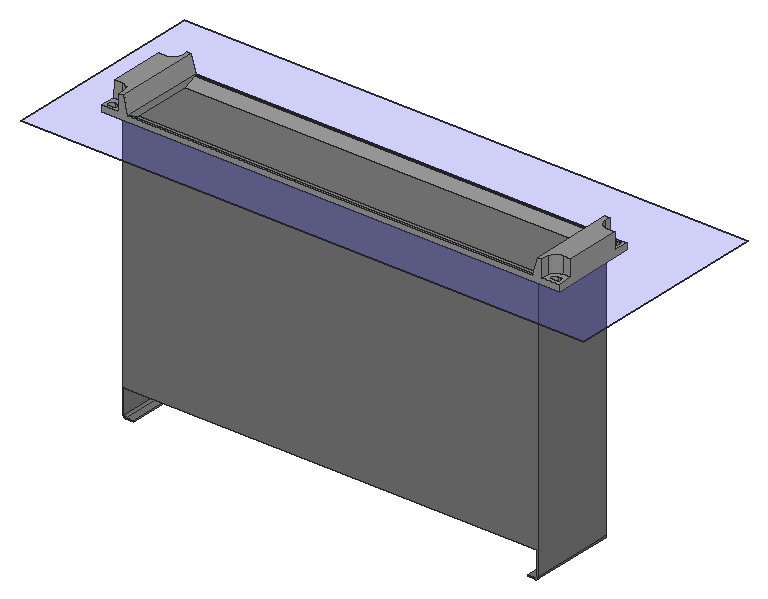
Revit family "QSC CXD4 Amplifiers", category Generic Models, host Face, Revit 2012
Parameters (values of type "CXD4.2")
  Width = 1' - 7"  # constant formula
  Weight Product (lb) = 18.5
  Weight Product (kg) = 8.4
  Voltage AC = "100-240 at 50-60 Hz"  # constant formula
  URL = "TBD"
  Regulatory Compliance = "UL, CE, RoHS/WEEE, FCC Class B"  # constant formula
  Product Page URL = "TBD"
  Product Documentation Link = "TBD"
  Power Troubleshoot [instance] = 0
  Power Standby [instance] = 0
  Power Peak [instance] = 0
  Power Factor [instance] = 0
  Power Active [instance] = 0
  Model = "CXD4.2"
  Manufacturer URL = "http://www.qscaudio.com"
  Manufacturer = "QSC Audio Products, LLC"  # constant formula
  Inner Front Width [instance] = 1' - 4.819"
  Height = 0' - 3 1/2"  # constant formula
  Heat Load Troubleshoot [instance] = 0
  Heat Load Standby [instance] = 0
  Heat Load Active [instance] = 0
  Face Material [instance] = Light Gray Finish
  Description = "2000 Watt Multi-Channel Processing Amplifier"
  Depth = 1' - 0"
  Default Elevation = 0' - 0"
  Current Draw [instance] = 0
  Amplifier Material [instance] = Dark Gray Finish
Types (8): name | Weight Product (lb) | Weight Product (kg) | Power Troubleshoot | Power Standby | Power Peak | Power Factor | Power Active | Model | Heat Load Troubleshoot | Heat Load Standby | Heat Load Active | Description | Depth | Current Draw | Amplifier Material
  (no name) | 18.5 | 8.4 | 0 | 0 | 0 | 0 | 0 | "CXD4.2" | 0 | 0 | 0 | "2000 Watt Multi-Channel Processing Amplifier" | 1' - 0" | 0 | Dark Gray Finish
  CXD4.2 | 18.5 | 8.4 | 0 | 0 | 0 | 0 | 0 | "CXD4.2" | 0 | 0 | 0 | "2000 Watt Multi-Channel Processing Amplifier" | 1' - 0" | 0 | Dark Gray Finish
  CXD4.3 @ 100VAC | 21 | 9.6 | 89 | 15 | 3452 | 0.95 | 556 | "CXD4.3" | 304 | 51 | 833 | "3000 Watt Multi-Channel Processing Amplifier" | 1' - 4" | 35 | Black Finish
  CXD4.5 @ 100VAC | 22 | 10 | 89 | 15 | 6938 | 0.97 | 962 | "CXD4.5" | 304 | 51 | 1165 | "5000 Watt Multi-Channel Processing Amplifier" | 1' - 4" | 68 | Black Finish
  CXD4.5 @ 120VAC | 22 | 10 | 87 | 15 | 6518 | 0.97 | 955 | "CXD4.5" | 297 | 51 | 1144 | "5000 Watt Multi-Channel Processing Amplifier" | 1' - 4" | 54 | Black Finish
  CXD4.5 @ 230VAC | 22 | 10 | 85 | 15 | 6000 | 0.91 | 969 | "CXD4.5" | 290 | 51 | 1209 | "5000 Watt Multi-Channel Processing Amplifier" | 1' - 4" | 27 | Black Finish
  CXD4.3 @ 120VAC | 21 | 9.6 | 87 | 15 | 3250 | 0.95 | 540 | "CXD4.3" | 297 | 51 | 800 | "3000 Watt Multi-Channel Processing Amplifier" | 1' - 4" | 25 | Black Finish
  CXD4.3 @ 230VAC | 21 | 9.6 | 85 | 15 | 3136 | 0.95 | 537 | "CXD4.3" | 290 | 51 | 766 | "3000 Watt Multi-Channel Processing Amplifier" | 1' - 4" | 14 | Black Finish
Reference planes (in)
  plane 1 "Center (Front/Back)": y = 0
  plane 2: z = 0
  plane 3 "Center (Left/Right)": x = 0
  plane 4 "Left": x = -9.5
  plane 5 "Right": x = 9.5
  plane 6 "Top": y = 1.75
  plane 7 "Bottom": y = -1.75
  plane 8 "Back": z = -11.0591
  plane 9: z = -9.9291
  plane 10: x = -8.6228
  plane 11: x = 8.6228
  plane 12 "Front": z = 0.9409
  plane 13: x = -8.1838
  plane 14: x = 8.1838
  plane 15: x = -9.4688
  plane 16: x = -8.5948
  plane 17: x = -8.4095
  plane 18: z = 0.2492
  plane 19: x = 9.4688
  plane 20: x = 8.5948
  plane 21: x = 8.4095
  plane 22: z = 0.2492
  plane 23: z = 0.5531
  plane 24 "Inner Left": x = -8.4095
  plane 25 "Inner Right": x = 8.4095
Forms (in)
  Extrusion 1, solid, material "Glass"
    sketch origin (0, 0, 0) x (1, 0, 0) y (0, 1, 0)
      loop
        line (-11.18464, 4.67779) -> (-11.18464, -3.88137) -> (12.1957, -3.88137) -> (12.1957, 4.67779) -> (-11.18464, 4.67779)
    from 0 to -0.03906
  Extrusion 2, solid, material "Dark Gray Finish" <- "Amplifier Material"
    sketch origin (0, -1.75, 0) x (-1, 0, 0) y (0, 0, 1)
      loop
        line (9.5, 0) -> (-9.5, 0) -> (-9.5, -11.0591) -> (9.5, -11.0591) -> (9.5, 0)
    from 0 to 3.5 <- "Height"
  Extrusion 3, void
    sketch origin (0, -1.75, 0) x (-1, 0, 0) y (0, 0, 1)
      loop
        line (8.6228, -11.0591) -> (9.5, -11.0591) -> (9.5, 0) -> (8.6228, 0) -> (8.6228, -11.0591)
      loop
        line (-9.5, -11.0591) -> (-8.6228, -11.0591) -> (-8.6228, 0) -> (-9.5, 0) -> (-9.5, -11.0591)
    from 0 to 3.5 <- "Height"
  Extrusion 4, void
    sketch origin (0, -1.75, 0) x (-1, 0, 0) y (0, 0, 1)
      loop
        arc (8.6228, -10.9291) -> (8.58472, -11.02102) -> (8.4928, -11.0591) r 0.13
        line (8.4928, -11.0591) -> (8.6228, -11.0591) -> (8.6228, -10.9291)
      loop
        line (8.5755, -10.92909) -> (8.5755, -9.9291) -> (-8.5755, -9.9291) -> (-8.5755, -10.92909)
        arc (-8.5755, -10.92909) -> (-8.55128, -10.98757) -> (-8.4928, -11.01179) r 0.0827
        line (-8.4928, -11.01179) -> (-8.1838, -11.01179) -> (-8.1838, -11.0591) -> (8.1838, -11.0591) -> (8.1838, -11.01179) -> (8.4928, -11.01179)
        arc (8.4928, -11.01179) -> (8.55128, -10.98757) -> (8.5755, -10.92909) r 0.0827
      loop
        line (-8.6228, -10.9291) -> (-8.6228, -11.0591) -> (-8.4928, -11.0591)
        arc (-8.4928, -11.0591) -> (-8.58472, -11.02102) -> (-8.6228, -10.9291) r 0.13
    from 0 to 3.5
  Extrusion 5, void
    sketch origin (0, -1.75, 0) x (-1, 0, 0) y (0, 0, 1)
      loop
        line (9.5, 0) -> (9.5, 0.9409) -> (9.4688, 0.9409) -> (9.5, 0)
      loop
        line (8.5948, 0.9409) -> (-8.5948, 0.9409) -> (-8.4095, 0.2492)
        arc (-8.4095, 0.2492) -> (0, 0.5531) -> (8.4095, 0.2492) r 116.5055
        line (8.4095, 0.2492) -> (8.5948, 0.9409)
      loop
        line (-9.4688, 0.9409) -> (-9.5, 0.9409) -> (-9.5, 0) -> (-9.4688, 0.9409)
    from 0 to 3.5
  Extrusion 6, void
    sketch origin (0, 0, 0.9409) x (-1, 0, 0) y (0, -1, 0)
      loop
        line (9.5, -1.75) -> (9.5, -1.138) -> (9.1609, -1.138)
        arc (9.1609, -1.138) -> (8.90489, -1.23581) -> (8.7793, -1.4794) r 0.38397
        line (8.7793, -1.4794) -> (8.7793, -1.75) -> (9.5, -1.75)
      loop
        line (9.5, 1.75) -> (8.7793, 1.75) -> (8.7793, 1.4794)
        arc (8.7793, 1.4794) -> (8.90489, 1.23581) -> (9.1609, 1.138) r 0.38397
        line (9.1609, 1.138) -> (9.5, 1.138) -> (9.5, 1.75)
      loop
        line (-9.5, -1.75) -> (-8.7793, -1.75) -> (-8.7793, -1.4794)
        arc (-8.7793, -1.4794) -> (-8.90489, -1.23581) -> (-9.1609, -1.138) r 0.38397
        line (-9.1609, -1.138) -> (-9.5, -1.138) -> (-9.5, -1.75)
      loop
        line (-9.5, 1.75) -> (-9.5, 1.138) -> (-9.1609, 1.138)
        arc (-9.1609, 1.138) -> (-8.90489, 1.23581) -> (-8.7793, 1.4794) r 0.38397
        line (-8.7793, 1.4794) -> (-8.7793, 1.75) -> (-9.5, 1.75)
    from 0 to -0.68359
  Extrusion 7, void
    sketch origin (0, 0, 0.9409) x (-1, 0, 0) y (0, -1, 0)
      loop
        arc (9.2614, -1.651) -> (9.3894, -1.523) -> (9.2614, -1.395) r 0.128
        line (9.2614, -1.395) -> (9.1314, -1.395)
        arc (9.1314, -1.395) -> (9.0034, -1.523) -> (9.1314, -1.651) r 0.128
        line (9.1314, -1.651) -> (9.2614, -1.651)
      loop
        arc (9.2614, 1.395) -> (9.3894, 1.523) -> (9.2614, 1.651) r 0.128
        line (9.2614, 1.651) -> (9.1314, 1.651)
        arc (9.1314, 1.651) -> (9.0034, 1.523) -> (9.1314, 1.395) r 0.128
        line (9.1314, 1.395) -> (9.2614, 1.395)
      loop
        arc (-9.1314, -1.651) -> (-9.0034, -1.523) -> (-9.1314, -1.395) r 0.128
        line (-9.1314, -1.395) -> (-9.2614, -1.395)
        arc (-9.2614, -1.395) -> (-9.3894, -1.523) -> (-9.2614, -1.651) r 0.128
        line (-9.2614, -1.651) -> (-9.1314, -1.651)
      loop
        arc (-9.1314, 1.395) -> (-9.0034, 1.523) -> (-9.1314, 1.651) r 0.128
        line (-9.1314, 1.651) -> (-9.2614, 1.651)
        arc (-9.2614, 1.651) -> (-9.3894, 1.523) -> (-9.2614, 1.395) r 0.128
        line (-9.2614, 1.395) -> (-9.1314, 1.395)
    from 0 to -1
  Extrusion 8, void
    sketch origin (-8.4095, 0, 0) x (0, 1, 0) y (0, 0, 1)
      loop
        line (1.69062, 0.22932) -> (1.75, 0.9409) -> (1.69062, 0.9409) -> (-1.75, 0.9409) -> (-1.69553, 0.2249) -> (-1.19154, 0) -> (1.20399, 0) -> (1.69062, 0.22932)
    from 0 to 16.819 <- "Inner Front Width"
  Extrusion 9, void
    sketch origin (0, 0, -11.0591) x (-1, 0, 0) y (0, -1, 0)
      loop
        line (-7.72058, -0.87779) -> (-7.23155, -0.87779) -> (-7.23155, -0.3647) -> (-7.72058, -0.3647) -> (-7.72058, -0.87779)
      loop
        line (-7.72058, 0.19721) -> (-7.23155, 0.19721) -> (-7.23155, 1.11296) -> (-7.72058, 1.11296) -> (-7.72058, 0.19721)
      loop
        line (-5.59181, -0.51506) -> (-4.80779, -0.51506) -> (-4.80779, -0.12697) -> (-5.59181, -0.12697) -> (-5.59181, -0.51506)
      loop
        line (-4.59181, -0.51506) -> (-3.80779, -0.51506) -> (-3.80779, -0.12697) -> (-4.59181, -0.12697) -> (-4.59181, -0.51506)
      loop
        line (-3.59181, -0.51506) -> (-2.80779, -0.51506) -> (-2.80779, -0.12697) -> (-3.59181, -0.12697) -> (-3.59181, -0.51506)
      loop
        line (-2.59181, -0.51506) -> (-1.80779, -0.51506) -> (-1.80779, -0.12697) -> (-2.59181, -0.12697) -> (-2.59181, -0.51506)
      loop
        line (1.51945, -1.24424) -> (1.80472, -1.24424) -> (1.80472, -0.75279) -> (1.51945, -0.75279) -> (1.51945, -1.24424)
      loop
        line (1.51945, -0.58717) -> (1.80472, -0.58717) -> (1.80472, -0.09572) -> (1.51945, -0.09572) -> (1.51945, -0.58717)
      loop
        line (1.51945, 0.0699) -> (1.80472, 0.0699) -> (1.80472, 0.56135) -> (1.51945, 0.56135) -> (1.51945, 0.0699)
      loop
        line (1.51945, 0.72697) -> (1.80472, 0.72697) -> (1.80472, 1.21842) -> (1.51945, 1.21842) -> (1.51945, 0.72697)
      loop
        line (7.08422, 0.56135) -> (7.70168, 0.56135) -> (7.70168, 1.43183) -> (7.08422, 1.43183) -> (7.08422, 0.56135)
    from 0 to 1.25
  Extrusion 10, solid, material "Light Gray Finish" <- "Face Material"
    sketch origin (0, -1.75, 0) x (-1, 0, 0) y (0, 0, 1)
      loop
        line (9.5, 0.9409) -> (-9.5, 0.9409) -> (-9.5, 0) -> (9.5, 0) -> (9.5, 0.9409)
    from 0 to 3.5 <- "Height"
Cuts and joins
  Extrusion 3, Extrusion 4, Extrusion 5, Extrusion 6, Extrusion 7, Extrusion 8, Extrusion 9 cuts Extrusion 2
  Extrusion 5, Extrusion 6, Extrusion 7, Extrusion 8 cuts Extrusion 10
Lines and regions (in)
  model lines, detail levels fine
    curve 1: arc (-8.6228, 1.2481, -10.2168) -> (-8.6228, 1.1201, -10.0888) -> (-8.6228, 0.9921, -10.2168) r 0.128
    curve 2: line (-8.6228, 0.9921, -10.2168) -> (-8.6228, 0.9921, -10.3468)
    curve 3: arc (-8.6228, 0.9921, -10.3468) -> (-8.6228, 1.1201, -10.4748) -> (-8.6228, 1.2481, -10.3468) r 0.128
    curve 4: line (-8.6228, 1.2481, -10.3468) -> (-8.6228, 1.2481, -10.2168)
    curve 5: arc (-8.6228, 0.6931, -10.7368) -> (-8.6228, 0.6231, -10.6668) -> (-8.6228, 0.5531, -10.7368) r 0.07
    curve 6: arc (-8.6228, 0.5531, -10.7368) -> (-8.6228, 0.6231, -10.8068) -> (-8.6228, 0.6931, -10.7368) r 0.07
    curve 7: arc (-8.6228, -0.5531, -10.7368) -> (-8.6228, -0.6231, -10.6668) -> (-8.6228, -0.6931, -10.7368) r 0.07
    curve 8: arc (-8.6228, -0.6931, -10.7368) -> (-8.6228, -0.6231, -10.8068) -> (-8.6228, -0.5531, -10.7368) r 0.07
    curve 9: arc (-8.6228, -1.2481, -10.3468) -> (-8.6228, -1.1201, -10.4748) -> (-8.6228, -0.9921, -10.3468) r 0.128
    curve 10: line (-8.6228, -0.9921, -10.3468) -> (-8.6228, -0.9921, -10.2168)
    curve 11: arc (-8.6228, -0.9921, -10.2168) -> (-8.6228, -1.1201, -10.0888) -> (-8.6228, -1.2481, -10.2168) r 0.128
    curve 12: line (-8.6228, -1.2481, -10.2168) -> (-8.6228, -1.2481, -10.3468)
    curve 13: arc (8.6228, 1.2481, -10.2168) -> (8.6228, 1.1201, -10.0888) -> (8.6228, 0.9921, -10.2168) r 0.128
    curve 14: line (8.6228, 0.9921, -10.2168) -> (8.6228, 0.9921, -10.3468)
    curve 15: arc (8.6228, 0.9921, -10.3468) -> (8.6228, 1.1201, -10.4748) -> (8.6228, 1.2481, -10.3468) r 0.128
    curve 16: line (8.6228, 1.2481, -10.3468) -> (8.6228, 1.2481, -10.2168)
    curve 17: arc (8.6228, 0.6931, -10.7368) -> (8.6228, 0.6231, -10.6668) -> (8.6228, 0.5531, -10.7368) r 0.07
    curve 18: arc (8.6228, 0.5531, -10.7368) -> (8.6228, 0.6231, -10.8068) -> (8.6228, 0.6931, -10.7368) r 0.07
    curve 19: arc (8.6228, -0.5531, -10.7368) -> (8.6228, -0.6231, -10.6668) -> (8.6228, -0.6931, -10.7368) r 0.07
    curve 20: arc (8.6228, -0.6931, -10.7368) -> (8.6228, -0.6231, -10.8068) -> (8.6228, -0.5531, -10.7368) r 0.07
    curve 21: arc (8.6228, -1.2481, -10.3468) -> (8.6228, -1.1201, -10.4748) -> (8.6228, -0.9921, -10.3468) r 0.128
    curve 22: line (8.6228, -0.9921, -10.3468) -> (8.6228, -0.9921, -10.2168)
    curve 23: arc (8.6228, -0.9921, -10.2168) -> (8.6228, -1.1201, -10.0888) -> (8.6228, -1.2481, -10.2168) r 0.128
    curve 24: line (8.6228, -1.2481, -10.2168) -> (8.6228, -1.2481, -10.3468)
    curve 25: circle (-8.3438, 0.6231, -11.0591) r 0.07 normal (0, 0, 1)
    curve 26: circle (-8.3438, -0.6231, -11.0591) r 0.07 normal (0, 0, -1)
    curve 27: circle (8.3438, 0.6231, -11.0591) r 0.07 normal (0, 0, -1)
    curve 28: circle (8.3438, -0.6231, -11.0591) r 0.07 normal (0, 0, 1)
    curve 61: line (-0.23509, 0.74029, 0.08969) -> (-0.37409, 0.87779, 0.08969)
    curve 62: line (2.27671, 0.74029, 0.08969) -> (2.41571, 0.87779, 0.08969)
    curve 63: line (2.27671, -0.76171, 0.08969) -> (2.41571, -0.89921, 0.08969)
    curve 64: line (-0.23509, -0.76171, 0.08969) -> (-0.37409, -0.89921, 0.08969)
    curve 69: arc (-3.92972, -0.06127, 0.08969) -> (-3.95365, -0.19312, 0.08969) -> (-3.97819, -0.06139, 0.08969) r 0.06812
    curve 70: line (-3.95381, -0.125, 0.08969) -> (-3.95381, -0.00273, 0.08969)
    curve 71: line (-2.75377, 0.67779, 0.08969) -> (-2.43464, 0.67779, 0.08969)
    curve 72: line (-2.75377, 0.51506, 0.08969) -> (-2.75377, 0.67779, 0.08969)
    curve 73: line (-2.43464, 0.51506, 0.08969) -> (-2.75377, 0.51506, 0.08969)
    curve 74: line (-2.43464, 0.67779, 0.08969) -> (-2.43464, 0.51506, 0.08969)
    curve 75: line (-1.25377, 0.67779, 0.08969) -> (-0.93464, 0.67779, 0.08969)
    curve 76: line (-1.25377, 0.51506, 0.08969) -> (-1.25377, 0.67779, 0.08969)
    curve 77: line (-0.93464, 0.51506, 0.08969) -> (-1.25377, 0.51506, 0.08969)
    curve 78: line (-0.93464, 0.67779, 0.08969) -> (-0.93464, 0.51506, 0.08969)
    curve 79: line (-2.25377, 0.67779, 0.08969) -> (-1.93464, 0.67779, 0.08969)
    curve 80: line (-2.25377, 0.51506, 0.08969) -> (-2.25377, 0.67779, 0.08969)
    curve 81: line (-1.93464, 0.51506, 0.08969) -> (-2.25377, 0.51506, 0.08969)
    curve 82: line (-1.93464, 0.67779, 0.08969) -> (-1.93464, 0.51506, 0.08969)
    curve 83: line (-1.75377, 0.67779, 0.08969) -> (-1.43464, 0.67779, 0.08969)
    curve 84: line (-1.75377, 0.51506, 0.08969) -> (-1.75377, 0.67779, 0.08969)
    curve 85: line (-1.43464, 0.51506, 0.08969) -> (-1.75377, 0.51506, 0.08969)
    curve 86: line (-1.43464, 0.67779, 0.08969) -> (-1.43464, 0.51506, 0.08969)
    curve 87: line (-2.75377, -0.19721, 0.08969) -> (-2.43464, -0.19721, 0.08969)
    curve 88: line (-2.75377, -0.35994, 0.08969) -> (-2.75377, -0.19721, 0.08969)
    curve 89: line (-2.43464, -0.35994, 0.08969) -> (-2.75377, -0.35994, 0.08969)
    curve 90: line (-2.43464, -0.19721, 0.08969) -> (-2.43464, -0.35994, 0.08969)
    curve 91: line (-1.25377, -0.19721, 0.08969) -> (-0.93464, -0.19721, 0.08969)
    curve 92: line (-1.25377, -0.35994, 0.08969) -> (-1.25377, -0.19721, 0.08969)
    curve 93: line (-0.93464, -0.35994, 0.08969) -> (-1.25377, -0.35994, 0.08969)
    curve 94: line (-0.93464, -0.19721, 0.08969) -> (-0.93464, -0.35994, 0.08969)
    curve 95: line (-2.25377, -0.19721, 0.08969) -> (-1.93464, -0.19721, 0.08969)
    curve 96: line (-2.25377, -0.35994, 0.08969) -> (-2.25377, -0.19721, 0.08969)
    curve 97: line (-1.93464, -0.35994, 0.08969) -> (-2.25377, -0.35994, 0.08969)
    curve 98: line (-1.93464, -0.19721, 0.08969) -> (-1.93464, -0.35994, 0.08969)
    curve 99: line (-1.75377, -0.19721, 0.08969) -> (-1.43464, -0.19721, 0.08969)
    curve 100: line (-1.75377, -0.35994, 0.08969) -> (-1.75377, -0.19721, 0.08969)
    curve 101: line (-1.43464, -0.35994, 0.08969) -> (-1.75377, -0.35994, 0.08969)
    curve 102: line (-1.43464, -0.19721, 0.08969) -> (-1.43464, -0.35994, 0.08969)
    curve 103: line (2.74506, 0.87779, 0.08969) -> (3.1581, 0.87779, 0.08969)
    curve 104: line (2.74506, 0.64006, 0.08969) -> (2.74506, 0.87779, 0.08969)
    curve 105: line (3.1581, 0.64006, 0.08969) -> (2.74506, 0.64006, 0.08969)
    curve 106: line (3.1581, 0.87779, 0.08969) -> (3.1581, 0.64006, 0.08969)
    curve 107: line (2.74506, -0.66149, 0.08969) -> (3.1581, -0.66149, 0.08969)
    curve 108: line (2.74506, -0.89921, 0.08969) -> (2.74506, -0.66149, 0.08969)
    curve 109: line (3.1581, -0.89921, 0.08969) -> (2.74506, -0.89921, 0.08969)
    curve 110: line (3.1581, -0.66149, 0.08969) -> (3.1581, -0.89921, 0.08969)
    curve 111: line (2.74506, 0.3647, 0.08969) -> (3.1581, 0.3647, 0.08969)
    curve 112: line (2.74506, 0.12697, 0.08969) -> (2.74506, 0.3647, 0.08969)
    curve 113: line (3.1581, 0.12697, 0.08969) -> (2.74506, 0.12697, 0.08969)
    curve 114: line (3.1581, 0.3647, 0.08969) -> (3.1581, 0.12697, 0.08969)
    curve 115: line (2.74506, -0.14839, 0.08969) -> (3.1581, -0.14839, 0.08969)
    curve 116: line (2.74506, -0.38612, 0.08969) -> (2.74506, -0.14839, 0.08969)
    curve 117: line (3.1581, -0.38612, 0.08969) -> (2.74506, -0.38612, 0.08969)
    curve 118: line (3.1581, -0.14839, 0.08969) -> (3.1581, -0.38612, 0.08969)
  model lines, style "GenericModel", detail levels fine
    curve 29: line (0.08067, -1.4709, 0.12466) -> (-0.00659, -1.36592, 0.07781)
    curve 30: line (-0.00659, -1.36592, 0.07781) -> (0.08067, -1.4709, 0.12466)
    curve 31: line (-0.32294, -1.45779, 0.11881) -> (-0.28998, -1.3495, 0.07049)
    curve 32: line (-0.28998, -1.3495, 0.07049) -> (-0.32294, -1.45779, 0.11881)
    curve 33: line (-0.26788, -1.5295, 0.15081) -> (-0.29248, -1.32909, 0.06138)
    curve 34: line (-0.29248, -1.32909, 0.06138) -> (-0.26788, -1.5295, 0.15081)
    curve 35: line (0.19751, -1.38929, 0.08824) -> (0.27532, -1.44149, 0.11154)
    curve 36: line (0.27532, -1.44149, 0.11154) -> (0.19751, -1.38929, 0.08824)
  model lines, style "GenericModel", not visible, detail levels fine
    curve 37: line (13.55599, -1.01274, 0.03125) -> (13.46873, -0.89778, 0.03125)
    curve 38: line (13.46873, -0.89778, 0.03125) -> (13.55599, -1.01274, 0.03125)
    curve 39: line (13.15237, -0.99839, 0.03125) -> (13.18534, -0.8798, 0.03125)
    curve 40: line (13.18534, -0.8798, 0.03125) -> (13.15237, -0.99839, 0.03125)
    curve 41: line (13.20744, -1.07691, 0.03125) -> (13.18283, -0.85745, 0.03125)
    curve 42: line (13.18283, -0.85745, 0.03125) -> (13.20744, -1.07691, 0.03125)
    curve 43: line (13.67283, -0.92336, 0.03125) -> (13.75064, -0.98053, 0.03125)
    curve 44: line (13.75064, -0.98053, 0.03125) -> (13.67283, -0.92336, 0.03125)
  model lines, not visible
    curve 45: arc (-4.09496, -0.0625, 1.79211) -> (-3.79966, 0.2328, 1.79211) -> (-3.50436, -0.0625, 1.79211) r 0.2953
    curve 46: arc (-3.50436, -0.0625, 1.79211) -> (-3.79966, -0.3578, 1.79211) -> (-4.09496, -0.0625, 1.79211) r 0.2953
    curve 47: arc (2.90932, 0.1875, 1.79211) -> (3.51952, 0.7977, 1.79211) -> (4.12972, 0.1875, 1.79211) r 0.6102
    curve 48: arc (4.12972, 0.1875, 1.79211) -> (3.51952, -0.4227, 1.79211) -> (2.90932, 0.1875, 1.79211) r 0.6102
    curve 49: line (2.1373, 0.9632, 1.79211) -> (2.1373, -0.8138, 1.79211)
    curve 50: line (2.1373, -0.8138, 1.79211) -> (-0.6525, -0.8138, 1.79211)
    curve 51: line (-0.6525, -0.8138, 1.79211) -> (-0.6525, 0.9632, 1.79211)
    curve 52: line (-0.6525, 0.9632, 1.79211) -> (2.1373, 0.9632, 1.79211)
  model lines, detail levels medium+fine
    curve 53: line (-0.37409, 0.87779, 0.08969) -> (2.41571, 0.87779, 0.08969)
    curve 54: line (2.41571, 0.87779, 0.08969) -> (2.41571, -0.89921, 0.08969)
    curve 55: line (-0.37409, -0.89921, 0.08969) -> (2.41571, -0.89921, 0.08969)
    curve 56: line (-0.37409, 0.87779, 0.08969) -> (-0.37409, -0.89921, 0.08969)
    curve 57: line (-0.23509, 0.74029, 0.08969) -> (2.27671, 0.74029, 0.08969)
    curve 58: line (2.27671, 0.74029, 0.08969) -> (2.27671, -0.76171, 0.08969)
    curve 59: line (-0.23509, 0.74029, 0.08969) -> (-0.23509, -0.76171, 0.08969)
    curve 60: line (-0.23509, -0.76171, 0.08969) -> (2.27671, -0.76171, 0.08969)
    curve 65: circle (4.00866, -0.10311, 0.08969) r 0.61 normal (0, 0, 1)
    curve 66: circle (4.00866, -0.10311, 0.08969) r 0.43 normal (0, 0, 1)
    curve 67: circle (-3.95381, -0.125, 0.08969) r 0.2953 normal (0, 0, 1)
    curve 68: circle (-3.95381, -0.125, 0.08969) r 0.2382 normal (0, 0, 1)
Dimensions and locks (in)
  "Depth": plane 12 "Front" to plane 8 "Back"
  equal spacing: plane 6 "Top", plane 1 "Center (Front/Back)", plane 7 "Bottom"
  "Height": plane 6 "Top" to plane 7 "Bottom"
  equal spacing: plane 4 "Left", plane 3 "Center (Left/Right)", plane 5 "Right"
  "Width": plane 4 "Left" to plane 5 "Right"
  plane 9 to plane 8 "Back" = 0' - 1.13"
  plane 4 "Left" to plane 10 = 0' - 0.8772"
  plane 11 to plane 5 "Right" = 0' - 0.8772"
  plane 12 "Front" to plane 2 = 0' - 0.9409"
  plane 10 to plane 13 = 0' - 0.439"
  plane 14 to plane 11 = 0' - 0.439"
  "Inner Front Width": plane 24 "Inner Left" to plane 25 "Inner Right"
  aligned and locked: plane 2 to Extrusion 1
  aligned and locked: level to Extrusion 1
  aligned and locked: plane 4 "Left" to Extrusion 2 sketch curve
  aligned and locked: plane 8 "Back" to Extrusion 2 sketch curve
  aligned and locked: Extrusion 2 sketch curve to plane 5 "Right"
  aligned and locked: Extrusion 3 sketch curve to plane 8 "Back"
  aligned and locked: Extrusion 3 sketch curve to plane 10
  aligned and locked: level to Extrusion 3 sketch curve  (x2)
  aligned and locked: Extrusion 3 sketch curve to plane 4 "Left"
  aligned and locked: Extrusion 3 sketch curve to Extrusion 2
  aligned and locked: Extrusion 2 to Extrusion 3 sketch curve
  aligned and locked: Extrusion 3 sketch curve to plane 11
  aligned and locked: Extrusion 2 sketch curve to plane 2
Automatic sketch dimensions
  Extrusion 1 sketch curve to Extrusion 1 sketch curve = 1' - 11.38034"
  Extrusion 1 sketch curve to Extrusion 1 sketch curve = 0' - 8.55916"
  Extrusion 4 sketch curve to plane 11 = 0' - 0"
  Extrusion 4 sketch curve to plane 9 = 0' - 0"
  Extrusion 4 sketch curve to plane 8 "Back" = 0' - 0"  (x3)
  Extrusion 4 sketch curve to plane 14 = 0' - 0"
  Extrusion 4 sketch curve to plane 13 = 0' - 0"
  Extrusion 4 sketch curve to plane 10 = 0' - 0"
  Extrusion 4 sketch curve to plane 11 = 0' - 0.0473"
  plane 8 "Back" to Extrusion 4 sketch curve = 0' - 0.04731"  (x2)
  plane 25 "Inner Right" to Extrusion 4 sketch curve = 0' - 0.0833"
  Extrusion 4 sketch curve to Extrusion 4 sketch curve = 0' - 0"  (x2)
  Extrusion 4 sketch curve to plane 24 "Inner Left" = 0' - 0.0833"
  plane 10 to Extrusion 4 sketch curve = 0' - 0.0473"
  Extrusion 5 sketch curve to level = 0' - 0"  (x2)
  Extrusion 5 sketch curve to plane 5 "Right" = 0' - 0"
  Extrusion 5 sketch curve to plane 12 "Front" = 0' - 0"  (x3)
  plane 19 to Extrusion 5 sketch curve = 0' - 0"
  plane 20 to Extrusion 5 sketch curve = 0' - 0"
  Extrusion 5 sketch curve to plane 18 = 0' - 0"
  plane 21 to Extrusion 5 sketch curve = 0' - 0"
  Extrusion 5 sketch curve to plane 3 "Center (Left/Right)" = 0' - 0"
  Extrusion 5 sketch curve to plane 17 = 0' - 0"
  Extrusion 5 sketch curve to plane 16 = 0' - 0"
  Extrusion 5 sketch curve to plane 15 = 0' - 0"
  Extrusion 5 sketch curve to plane 4 "Left" = 0' - 0"
  Extrusion 5 sketch curve to plane 8 "Back" = 8' - 8.8933"
  Extrusion 6 sketch curve to plane 5 "Right" = 0' - 0"  (x2)
  Extrusion 6 sketch curve to plane 6 "Top" = 0' - 0"  (x2)
  Extrusion 6 sketch curve to plane 7 "Bottom" = 0' - 0"  (x2)
  Extrusion 6 sketch curve to plane 4 "Left" = 0' - 0"  (x2)
  Extrusion 6 sketch curve to plane 5 "Right" = 0' - 0.3391"  (x2)
  plane 11 to Extrusion 6 sketch curve = 0' - 0.1565"  (x2)
  Extrusion 6 sketch curve to plane 10 = 0' - 0.1565"  (x2)
  plane 4 "Left" to Extrusion 6 sketch curve = 0' - 0.3391"  (x2)
  Extrusion 6 sketch curve to plane 6 "Top" = 0' - 0.22803"  (x2)
  Extrusion 6 sketch curve to plane 6 "Top" = 0' - 0.2706"  (x2)
  plane 7 "Bottom" to Extrusion 6 sketch curve = 0' - 0.612"  (x2)
  plane 7 "Bottom" to Extrusion 6 sketch curve = 0' - 0.2706"  (x2)
  plane 7 "Bottom" to Extrusion 7 sketch curve = 0' - 0.099"  (x2)
  Extrusion 7 sketch curve to plane 5 "Right" = 0' - 0.2386"  (x2)
  Extrusion 7 sketch curve to Extrusion 7 sketch curve = 0' - 0.13"  (x4)
  plane 4 "Left" to Extrusion 7 sketch curve = 0' - 0.3686"  (x2)
  Extrusion 7 sketch curve to plane 6 "Top" = 0' - 0.099"  (x2)
  Extrusion 7 sketch curve to Extrusion 7 sketch curve = 0' - 0.128"  (x2)
  Extrusion 7 sketch curve to Extrusion 7 sketch curve = 0' - 0.256"  (x2)
  curve 5 to curve 6 = 0' - 0"  (x2)
  curve 7 to curve 8 = 0' - 0"  (x2)
  curve 1 to Extrusion 3 = 0' - 0.8423"
  curve 11 to Extrusion 3 = 0' - 0.8423"
  curve 2 to curve 3 = 0' - 0.13"
  curve 10 to curve 10 = 0' - 0.13"
  curve 8 to Extrusion 3 = 0' - 0.3223"
  curve 6 to Extrusion 3 = 0' - 0.3223"
  Extrusion 3 to curve 1 = 0' - 0.5019"
  curve 4 to curve 1 = 0' - 0.128"
  curve 3 to curve 5 = 0' - 0.299"
  curve 5 to curve 6 = 0' - 0.07"
  curve 5 to curve 7 = 0' - 1.1062"
  curve 7 to curve 7 = 0' - 0.07"
  curve 8 to curve 11 = 0' - 0.299"
  curve 10 to curve 11 = 0' - 0.128"
  curve 17 to curve 18 = 0' - 0"  (x2)
  curve 19 to curve 20 = 0' - 0"  (x2)
  curve 19 to Extrusion 3 = 0' - 0.3223"
  curve 18 to Extrusion 3 = 0' - 0.3223"
  curve 17 to curve 16 = 0' - 0.39"
  curve 20 to curve 24 = 0' - 0.39"
  curve 15 to curve 16 = 0' - 0.13"
  curve 21 to curve 22 = 0' - 0.13"
  Extrusion 3 to curve 13 = 0' - 0.5019"
  curve 13 to curve 13 = 0' - 0.128"
  curve 15 to curve 17 = 0' - 0.299"
  curve 17 to curve 18 = 0' - 0.07"
  curve 17 to curve 19 = 0' - 1.1062"
  curve 19 to curve 19 = 0' - 0.07"
  curve 20 to curve 23 = 0' - 0.299"
  curve 22 to curve 23 = 0' - 0.128"
  curve 27 to plane 25 "Inner Right" = 0' - 0.0657"
  curve 28 to plane 25 "Inner Right" = 0' - 0.0657"
  plane 24 "Inner Left" to curve 26 = 0' - 0.0657"
  plane 24 "Inner Left" to curve 25 = 0' - 0.0657"
  curve 27 to plane 1 "Center (Front/Back)" = 0' - 0.6231"
  curve 25 to plane 1 "Center (Front/Back)" = 0' - 0.6231"
  plane 1 "Center (Front/Back)" to curve 28 = 0' - 0.6231"
  plane 1 "Center (Front/Back)" to curve 26 = 0' - 0.6231"
  Extrusion 8 sketch curve to plane 7 "Bottom" = 0' - 0"
  Extrusion 8 sketch curve to plane 12 "Front" = 0' - 0"
  Extrusion 8 sketch curve to plane 6 "Top" = 0' - 0"
  plane 7 "Bottom" to Extrusion 8 sketch curve = 0' - 0.05447"
  Extrusion 8 sketch curve to Extrusion 8 sketch curve = 0' - 0.504"
  Extrusion 8 sketch curve to plane 6 "Top" = 0' - 0.54601"
  Extrusion 8 sketch curve to plane 6 "Top" = 0' - 0.05938"
  Extrusion 8 sketch curve to Extrusion 8 sketch curve = 0' - 0.05938"
  curve 65 to curve 66 = 0' - 0"  (x2)
  curve 67 to curve 68 = 0' - 0"  (x2)
  curve 67 to curve 69 = 0' - 0"
  curve 68 to curve 69 = 0' - 0"
  curve 56 to plane 3 "Center (Left/Right)" = 0' - 0.37409"
  plane 7 "Bottom" to curve 56 = 0' - 0.85079"
  curve 64 to plane 3 "Center (Left/Right)" = 0' - 0.23509"
  curve 55 to curve 64 = 0' - 0.1375"
  plane 1 "Center (Front/Back)" to curve 67 = 0' - 0 1/8"
  curve 70 to curve 67 = 0' - 0"
  plane 1 "Center (Front/Back)" to curve 65 = 0' - 0.10311"
  plane 1 "Center (Front/Back)" to curve 69 = 0' - 0.06139"
  curve 69 to curve 69 = 0' - 0.00011"
  plane 1 "Center (Front/Back)" to curve 70 = 0' - 0.00273"
  curve 58 to plane 1 "Center (Front/Back)" = 0' - 0.74029"
  curve 57 to curve 61 = 0' - 0.1375"
  plane 3 "Center (Left/Right)" to curve 62 = 0' - 2.27671"
  curve 53 to curve 57 = 0' - 0.139"
  curve 66 to curve 54 = 0' - 1.59296"
  curve 55 to curve 69 = 0' - 3.55563"
  curve 69 to curve 69 = 0' - 0.02409"
  curve 69 to curve 70 = 0' - 0.02409"
  Extrusion 10 sketch curve to level = 0' - 0"
  Extrusion 10 sketch curve to plane 4 "Left" = 0' - 0"
  Extrusion 10 sketch curve to plane 12 "Front" = 0' - 0"
  Extrusion 10 sketch curve to plane 5 "Right" = 0' - 0"
  level to Extrusion 8 sketch curve = 0' - 0.22932"
  level to Extrusion 8 sketch curve = 0' - 0.2249"
  level to Extrusion 8 sketch curve = 0' - 0"
  curve 76 to plane 1 "Center (Front/Back)" = 0' - 0.51506"
  curve 81 to curve 84 = 0' - 0"
  curve 85 to curve 76 = 0' - 0"
  curve 74 to curve 80 = 0' - 0"
  curve 72 to curve 72 = 0' - 0.16273"
  curve 76 to curve 75 = 0' - 0.16273"
  curve 85 to curve 86 = 0' - 0.16273"
  curve 80 to curve 79 = 0' - 0.16273"
  curve 53 to curve 77 = 0' - 0.56055"
  curve 77 to curve 77 = 0' - 0.31913"
  curve 76 to curve 85 = 0' - 0.18087"
  curve 85 to curve 84 = 0' - 0.31913"
  curve 84 to curve 82 = 0' - 0.18087"
  curve 81 to curve 81 = 0' - 0.31913"
  curve 79 to curve 71 = 0' - 0.18087"
  curve 71 to curve 71 = 0' - 0.31913"
  plane 1 "Center (Front/Back)" to curve 90 = 0' - 0.35994"
  curve 98 to curve 100 = 0' - 0"
  curve 101 to curve 92 = 0' - 0"
  curve 89 to curve 97 = 0' - 0"
  curve 88 to curve 88 = 0' - 0.16273"
  curve 97 to curve 98 = 0' - 0.16273"
  curve 93 to curve 91 = 0' - 0.16273"
  curve 100 to curve 100 = 0' - 0.16273"
  curve 55 to curve 94 = 0' - 0.56055"
  curve 91 to curve 91 = 0' - 0.31913"
  curve 92 to curve 101 = 0' - 0.18087"
  curve 101 to curve 101 = 0' - 0.31913"
  curve 100 to curve 98 = 0' - 0.18087"
  curve 95 to curve 95 = 0' - 0.31913"
  curve 96 to curve 90 = 0' - 0.18087"
  curve 87 to curve 87 = 0' - 0.31913"
  curve 54 to curve 109 = 0' - 0"
  curve 108 to curve 108 = 0' - 0.23773"
  curve 107 to curve 117 = 0' - 0.27536"
  plane 1 "Center (Front/Back)" to curve 115 = 0' - 0.14839"
  curve 113 to plane 1 "Center (Front/Back)" = 0' - 0.12697"
  curve 113 to curve 114 = 0' - 0.23773"
  curve 111 to curve 104 = 0' - 0.27536"
  curve 104 to curve 103 = 0' - 0.23773"
  curve 105 to curve 53 = 0' - 0.74239"
  curve 107 to curve 54 = 0' - 0.74239"
  curve 111 to curve 105 = 0' - 0"
  curve 115 to curve 113 = 0' - 0"
  curve 111 to curve 112 = 0' - 0.41304"
  curve 104 to curve 112 = 0' - 0"
  curve 107 to curve 54 = 0' - 0.32935"
  curve 117 to curve 107 = 0' - 0"
  Extrusion 9 sketch curve to plane 14 = 0' - 0.46322"  (x2)
  Extrusion 9 sketch curve to Extrusion 9 sketch curve = 0' - 0.48903"  (x2)
  plane 1 "Center (Front/Back)" to Extrusion 9 sketch curve = 0' - 0.19721"
  Extrusion 9 sketch curve to plane 1 "Center (Front/Back)" = 0' - 0.12697"  (x4)
  Extrusion 9 sketch curve to Extrusion 9 sketch curve = 0' - 1.63974"
  Extrusion 9 sketch curve to Extrusion 9 sketch curve = 0' - 0.78402"  (x4)
  Extrusion 9 sketch curve to Extrusion 9 sketch curve = 0' - 0.21598"  (x3)
  Extrusion 9 sketch curve to plane 6 "Top" = 0' - 0.50576"
  Extrusion 9 sketch curve to plane 3 "Center (Left/Right)" = 0' - 1.51945"
  plane 1 "Center (Front/Back)" to Extrusion 9 sketch curve = 0' - 0.72697"
  Extrusion 9 sketch curve to Extrusion 9 sketch curve = 0' - 0"  (x8)
  Extrusion 9 sketch curve to Extrusion 9 sketch curve = 0' - 0.28527"
  plane 1 "Center (Front/Back)" to Extrusion 9 sketch curve = 0' - 0.0699"
  plane 7 "Bottom" to Extrusion 9 sketch curve = 0' - 0.31817"
  plane 13 to Extrusion 9 sketch curve = 0' - 1.09958"
  plane 13 to Extrusion 9 sketch curve = 0' - 0.48212"
  Extrusion 9 sketch curve to plane 6 "Top" = 0' - 0.87221"
  Extrusion 9 sketch curve to Extrusion 9 sketch curve = 0' - 0.49145"  (x2)
  Extrusion 9 sketch curve to Extrusion 9 sketch curve = 0' - 0.16562"  (x2)
  Extrusion 9 sketch curve to Extrusion 9 sketch curve = 0' - 0.38809"
  Extrusion 9 sketch curve to plane 1 "Center (Front/Back)" = 0' - 0.51506"
  Extrusion 9 sketch curve to plane 1 "Center (Front/Back)" = 0' - 0.3647"
  Extrusion 9 sketch curve to plane 1 "Center (Front/Back)" = 0' - 0.09572"
  plane 1 "Center (Front/Back)" to Extrusion 9 sketch curve = 0' - 0.56135"
  plane 7 "Bottom" to Extrusion 9 sketch curve = 0' - 0.63704"
  radius of curve 25 = 0' - 0.07"
  radius of curve 26 = 0' - 0.07"
  radius of curve 27 = 0' - 0.07"
  radius of curve 28 = 0' - 0.07"
  radius of curve 65 = 0' - 0.61"
  radius of curve 66 = 0' - 0.43"
  radius of curve 67 = 0' - 0.2953"
  radius of curve 68 = 0' - 0.2382"
Connectors (in)
  electrical at (7.47606, 0.62124, -9.8091)
    settings: on cut or joined group 1 (Extrusion 2, Extrusion 3, Extrusion 4, Extrusion 5, Extrusion 6, Extrusion 7, Extrusion 8, Extrusion 9), index 1, voltage 0 V, apparent load 0 VA, apparent load phase1 0 VA, apparent load phase2 0 VA, apparent load phase3 0 VA, power factor 1, load classification "Other", number of poles 1, system type 13, power factor state 1, is connector primary yes, connector utility no, sub classification motor no, connector description "USB"
  electrical at (7.47606, -0.65508, -9.8091)
    settings: on cut or joined group 1, index 2, voltage 0 V, apparent load 0 VA, apparent load phase1 0 VA, apparent load phase2 0 VA, apparent load phase3 0 VA, power factor 1, load classification "Other", number of poles 1, system type 13, power factor state 1, is connector primary no, connector utility no, sub classification motor no, connector description "GPIO"
  electrical at (5.1998, 0.32101, -9.8091)
    settings: on cut or joined group 1, index 3, voltage 0 V, apparent load 0 VA, apparent load phase1 0 VA, apparent load phase2 0 VA, apparent load phase3 0 VA, power factor 1, load classification "Other", number of poles 1, system type 14, power factor state 1, is connector primary no, connector utility no, sub classification motor no, connector description "Input 1"
  electrical at (4.1998, 0.32101, -9.8091)
    settings: on cut or joined group 1, index 4, voltage 0 V, apparent load 0 VA, apparent load phase1 0 VA, apparent load phase2 0 VA, apparent load phase3 0 VA, power factor 1, load classification "Other", number of poles 1, system type 14, power factor state 1, is connector primary no, connector utility no, sub classification motor no, connector description "Input 2"
  electrical at (3.1998, 0.32101, -9.8091)
    settings: on cut or joined group 1, index 5, voltage 0 V, apparent load 0 VA, apparent load phase1 0 VA, apparent load phase2 0 VA, apparent load phase3 0 VA, power factor 1, load classification "Other", number of poles 1, system type 14, power factor state 1, is connector primary no, connector utility no, sub classification motor no, connector description "Input 3"
  electrical at (2.1998, 0.32101, -9.8091)
    settings: on cut or joined group 1, index 6, voltage 0 V, apparent load 0 VA, apparent load phase1 0 VA, apparent load phase2 0 VA, apparent load phase3 0 VA, power factor 1, load classification "Other", number of poles 1, system type 14, power factor state 1, is connector primary no, connector utility no, sub classification motor no, connector description "Input 4"
  electrical at (-1.66208, 0.99851, -9.8091)
    settings: on cut or joined group 1, index 7, voltage 0 V, apparent load 0 VA, apparent load phase1 0 VA, apparent load phase2 0 VA, apparent load phase3 0 VA, power factor 1, load classification "Other", number of poles 1, system type 14, power factor state 1, is connector primary no, connector utility no, sub classification motor no, connector description "Output 1"
  electrical at (-1.66208, 0.34144, -9.8091)
    settings: on cut or joined group 1, index 8, voltage 0 V, apparent load 0 VA, apparent load phase1 0 VA, apparent load phase2 0 VA, apparent load phase3 0 VA, power factor 1, load classification "Other", number of poles 1, system type 14, power factor state 1, is connector primary no, connector utility no, sub classification motor no, connector description "Output 2"
  electrical at (-1.66208, -0.31563, -9.8091)
    settings: on cut or joined group 1, index 9, voltage 0 V, apparent load 0 VA, apparent load phase1 0 VA, apparent load phase2 0 VA, apparent load phase3 0 VA, power factor 1, load classification "Other", number of poles 1, system type 14, power factor state 1, is connector primary no, connector utility no, sub classification motor no, connector description "Output 3"
  electrical at (-1.66208, -0.97269, -9.8091)
    settings: on cut or joined group 1, index 10, voltage 0 V, apparent load 0 VA, apparent load phase1 0 VA, apparent load phase2 0 VA, apparent load phase3 0 VA, power factor 1, load classification "Other", number of poles 1, system type 14, power factor state 1, is connector primary no, connector utility no, sub classification motor no, connector description "Output 4"
  electrical at (-7.39295, -0.99659, -9.8091)
    settings: on cut or joined group 1, index 11, voltage 0 V, apparent load 0 VA, apparent load phase1 0 VA, apparent load phase2 0 VA, apparent load phase3 0 VA, power factor 1, load classification "Other", number of poles 3, system type 30, power factor state 1, is connector primary no, connector utility no, sub classification motor no, connector description "100-240 VAC, 50-60Hz"
